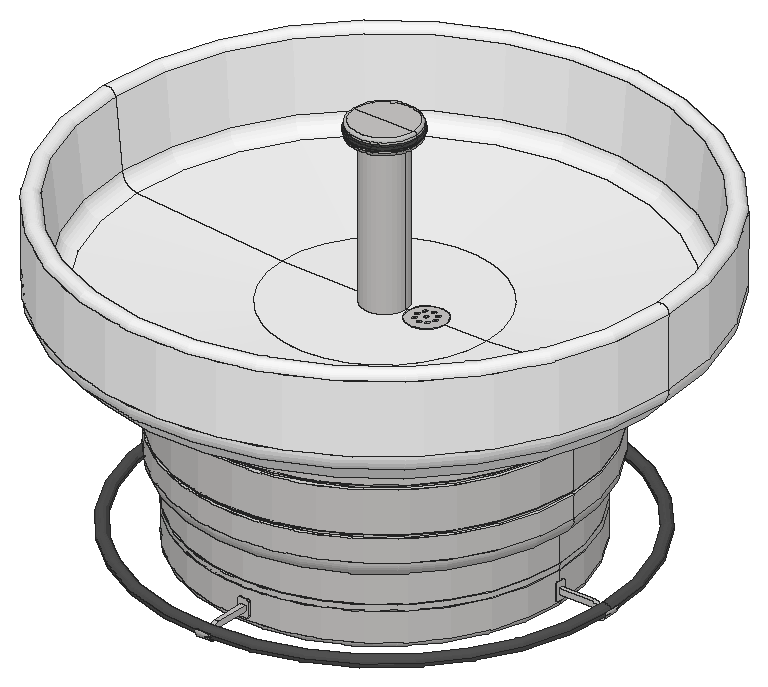
Revit family "Washfountain_Lavatory-Bradley_Corp-WF2608-Type_O_Drain", category Plumbing Fixtures, Revit 2012 (continued)
Automatic sketch dimensions
  Masking region 28 sketch curve to plane 1 "Center (Front/Back)" = 0.000"
  Masking region 28 sketch curve to plane 3 "Center (Left/Right)" = 0.000"
  curve 103 to plane 1 "Center (Front/Back)" = 0.000"
  curve 103 to plane 3 "Center (Left/Right)" = 0.000"
  plane 8 "Towel Dispenser" to Extrusion 13 sketch curve = 0.000"
  Extrusion 13 sketch curve to Extrusion 13 sketch curve = 1.37502"
  Extrusion 13 sketch curve to Extrusion 13 sketch curve = 1.750"
  Extrusion 13 sketch curve to Extrusion 13 sketch curve = 2.250"
  Extrusion 14 sketch curve to Extrusion 14 sketch curve = 1.37502"
  Extrusion 14 sketch curve to Extrusion 14 sketch curve = 1.750"
  Extrusion 14 sketch curve to Extrusion 14 sketch curve = 2.250"
  Extrusion 14 sketch curve to plane 8 "Towel Dispenser" = 0.000"
  Extrusion 15 sketch curve to Extrusion 15 sketch curve = 1.37502"
  Extrusion 15 sketch curve to Extrusion 15 sketch curve = 1.750"
  Extrusion 15 sketch curve to Extrusion 15 sketch curve = 2.250"
  Extrusion 15 sketch curve to plane 8 "Towel Dispenser" = 0.000"
  Split face 1 sketch curve to Extrusion 13 = 0.56845"
  Split face 1 sketch curve to Split face 1 sketch curve = 0.750"
  Split face 1 sketch curve to Extrusion 13 = 1.500"  (x2)
  Split face 2 sketch curve to Extrusion 14 = 0.56845"
  Split face 2 sketch curve to Split face 2 sketch curve = 0.750"
  Split face 2 sketch curve to Extrusion 14 = 1.500"  (x2)
  Split face 3 sketch curve to Extrusion 15 = 0.56851"
  Split face 3 sketch curve to Split face 3 sketch curve = 0.750"
  Split face 3 sketch curve to Extrusion 15 = 1.500"  (x2)
  curve 9 to plane 1 "Center (Front/Back)" = 0.000"
  curve 109 to plane 6 "Front" = 0.000"
  curve 132 to plane 7 "Back" = 0.000"
  curve 10 to plane 3 "Center (Left/Right)" = 0.000"
  plane 3 "Center (Left/Right)" to curve 105 = 0.06279"
  plane 3 "Center (Left/Right)" to curve 132 = 3.000"
  plane 3 "Center (Left/Right)" to curve 109 = 3.000"
  plane 3 "Center (Left/Right)" to curve 9 = 3.000"
  curve 105 to curve 9 = 2.60192"
  curve 104 to plane 3 "Center (Left/Right)" = 0.06259"
  curve 109 to plane 3 "Center (Left/Right)" = 3.000"
  curve 9 to plane 3 "Center (Left/Right)" = 3.000"
  curve 132 to plane 3 "Center (Left/Right)" = 3.000"
  curve 9 to curve 104 = 2.60167"
  curve 106 to plane 1 "Center (Front/Back)" = 3.20696"
  curve 10 to plane 1 "Center (Front/Back)" = 3.000"
  plane 1 "Center (Front/Back)" to curve 10 = 3.000"
  curve 10 to curve 104 = 3.38699"
  curve 104 to curve 105 = 0.00011"
  curve 134 to curve 132 = 0.000"
  curve 133 to curve 132 = 0.000"
  curve 141 to curve 132 = 2.50026"
  curve 139 to curve 132 = 0.29642"
  curve 139 to curve 132 = 1.00026"
  curve 138 to curve 132 = 0.25026"
  curve 141 to curve 132 = 1.37502"
  curve 132 to curve 140 = 1.000"
  curve 140 to curve 140 = 0.750"
  curve 132 to curve 133 = 2.500"
  curve 139 to curve 138 = 0.39109"
  curve 136 to curve 141 = 0.000"
  curve 132 to curve 135 = 14.62567"
  curve 135 to curve 133 = 0.68733"
  curve 135 to curve 134 = 0.68733"
  curve 108 to Extrusion 15 = 0.000"  (x3)
  curve 154 to Extrusion 15 = 2.60156"
  Extrusion 15 to curve 154 = 1.95703"
  curve 154 to curve 154 = 1.000"
  curve 107 to Extrusion 14 = 0.000"  (x3)
  Extrusion 14 to curve 156 = 1.95703"
  curve 156 to Extrusion 14 = 2.60156"
  curve 156 to curve 156 = 1.000"
  curve 157 to Extrusion 13 = 0.000"  (x3)
  curve 155 to Extrusion 13 = 2.60156"
  curve 155 to curve 155 = 1.000"
  Extrusion 13 to curve 155 = 1.95703"
  curve 160 to curve 132 = 0.54323"
  curve 132 to curve 160 = 3.97659"
  curve 132 to curve 160 = 4.97659"
  Masking region 29 sketch curve to plane 1 "Center (Front/Back)" = 0.000"
  Masking region 29 sketch curve to plane 3 "Center (Left/Right)" = 0.000"
  plane 3 "Center (Left/Right)" to Masking region 29 sketch curve = 0.06279"
  plane 3 "Center (Left/Right)" to Masking region 29 sketch curve = 3.52689"
  plane 3 "Center (Left/Right)" to Masking region 29 sketch curve = 5.50026"
  Masking region 29 sketch curve to plane 1 "Center (Front/Back)" = 3.13918"
  Masking region 29 sketch curve to Masking region 29 sketch curve = 0.06253"
  Masking region 29 sketch curve to plane 1 "Center (Front/Back)" = 1.13918"
  Masking region 29 sketch curve to Masking region 29 sketch curve = 3.4641"  (x2)
  Masking region 29 sketch curve to plane 3 "Center (Left/Right)" = 0.06259"
  Masking region 29 sketch curve to plane 3 "Center (Left/Right)" = 3.5267"
  Masking region 29 sketch curve to plane 3 "Center (Left/Right)" = 5.500"
  Masking region 29 sketch curve to plane 1 "Center (Front/Back)" = 3.13929"
  Masking region 29 sketch curve to Masking region 29 sketch curve = 0.06259"
  Masking region 29 sketch curve to plane 1 "Center (Front/Back)" = 1.13929"
  Masking region 29 sketch curve to Masking region 29 sketch curve = 0.06767"
  Masking region 29 sketch curve to Masking region 29 sketch curve = 0.06779"
  Masking region 29 sketch curve to Masking region 29 sketch curve = 4.000"
  Extrusion 16 sketch curve to plane 1 "Center (Front/Back)" = 0.000"
  Extrusion 16 sketch curve to plane 3 "Center (Left/Right)" = 0.000"
  curve 5 to Masking region 32 sketch curve = 1.000"
  curve 5 to Masking region 32 sketch curve = 3.500"
  Masking region 32 sketch curve to curve 5 = 1.000"
  Masking region 33 sketch curve to plane 10 "Sensor Module" = 3.500"
  Masking region 33 sketch curve to plane 1 "Center (Front/Back)" = 2.000"
  plane 1 "Center (Front/Back)" to Masking region 33 sketch curve = 2.000"
  Extrusion 17 sketch curve to plane 1 "Center (Front/Back)" = 0.000"
  Extrusion 17 sketch curve to plane 3 "Center (Left/Right)" = 0.000"
  Extrusion 18 sketch curve to Extrusion 18 sketch curve = 0.000"  (x3)
  Extrusion 18 sketch curve to plane 1 "Center (Front/Back)" = 0.000"
  Extrusion 18 sketch curve to plane 3 "Center (Left/Right)" = 0.000"
  plane 3 "Center (Left/Right)" to Extrusion 18 sketch curve = 0.06295"
  Extrusion 18 sketch curve to Extrusion 18 sketch curve = 2.000"
  Extrusion 18 sketch curve to Extrusion 18 sketch curve = 3.50026"
  Extrusion 18 sketch curve to Extrusion 18 sketch curve = 0.06243"
  Extrusion 18 sketch curve to plane 3 "Center (Left/Right)" = 0.06259"
  Extrusion 18 sketch curve to Extrusion 18 sketch curve = 3.500"
  Extrusion 18 sketch curve to Extrusion 18 sketch curve = 0.06259"
  Extrusion 18 sketch curve to plane 1 "Center (Front/Back)" = 3.13929"  (x2)
  Extrusion 18 sketch curve to Extrusion 18 sketch curve = 0.06767"
  plane 1 "Center (Front/Back)" to Extrusion 18 sketch curve = 6.38699"
  plane 3 "Center (Left/Right)" to Extrusion 19 sketch curve = 5.56269"
  Extrusion 19 sketch curve to Extrusion 19 sketch curve = 0.06243"
  plane 3 "Center (Left/Right)" to Extrusion 19 sketch curve = 0.06295"
  Extrusion 19 sketch curve to plane 3 "Center (Left/Right)" = 0.06259"
  Extrusion 19 sketch curve to plane 3 "Center (Left/Right)" = 5.500"
  Extrusion 19 sketch curve to Extrusion 19 sketch curve = 0.06259"
  Extrusion 19 sketch curve to plane 1 "Center (Front/Back)" = 3.20696"
  Extrusion 19 sketch curve to Extrusion 19 sketch curve = 0.06767"  (x2)
  plane 1 "Center (Front/Back)" to Extrusion 19 sketch curve = 6.38699"
  Extrusion 19 sketch curve to Extrusion 19 sketch curve = 0.000"
  Extrusion 19 sketch curve to plane 1 "Center (Front/Back)" = 0.000"
  Extrusion 19 sketch curve to plane 3 "Center (Left/Right)" = 0.000"
  Extrusion 19 sketch curve to Extrusion 19 sketch curve = 2.000"
  curve 96 to curve 5 = 1.5755"
  curve 5 to curve 95 = 0.56541"
  curve 96 to curve 95 = 0.07563"
  curve 5 to curve 97 = 1.000"
  curve 97 to curve 5 = 1.000"
  curve 5 to curve 95 = 1.49987"
  curve 95 to curve 96 = 0.0755"
  curve 96 to curve 95 = 1.44948"
  curve 97 to curve 5 = 2.84038"
  Sweep 20 sketch curve to profile plane = 0.000"
  profile plane to Sweep 20 sketch curve = 1.425"
  Extrusion 21 sketch curve to Extrusion 21 sketch curve = 0.000"  (x10)
  level to Extrusion 21 sketch curve = 1.57969"
  plane 4 "Left" to Extrusion 21 sketch curve = 5.42032"
  Extrusion 21 sketch curve to Extrusion 21 sketch curve = 0.04831"  (x2)
  Extrusion 21 sketch curve to Extrusion 21 sketch curve = 0.48307"  (x2)
  Extrusion 21 sketch curve to Extrusion 21 sketch curve = 0.48846"  (x2)
  Extrusion 21 sketch curve to Extrusion 21 sketch curve = 0.04885"  (x2)
  level to Extrusion 21 sketch curve = 1.55302"
  Extrusion 21 sketch curve to plane 5 "Right" = 6.58615"
  Extrusion 21 sketch curve to Extrusion 21 sketch curve = 0.02667"
  Extrusion 21 sketch curve to Extrusion 21 sketch curve = 0.01068"
  Extrusion 22 sketch curve to Extrusion 22 sketch curve = 0.000"  (x10)
  level to Extrusion 22 sketch curve = 1.57982"
  plane 6 "Front" to Extrusion 22 sketch curve = 5.42032"
  Extrusion 22 sketch curve to Extrusion 22 sketch curve = 0.04831"  (x2)
  Extrusion 22 sketch curve to Extrusion 22 sketch curve = 0.48307"  (x2)
  Extrusion 22 sketch curve to Extrusion 22 sketch curve = 0.48846"  (x2)
  Extrusion 22 sketch curve to Extrusion 22 sketch curve = 0.04885"  (x2)
  level to Extrusion 22 sketch curve = 1.55315"
  Extrusion 22 sketch curve to plane 7 "Back" = 6.58615"
  Extrusion 22 sketch curve to Extrusion 22 sketch curve = 0.03735"
  Extrusion 22 sketch curve to Extrusion 22 sketch curve = 0.01068"
  Extrusion 24 sketch curve to Extrusion 24 sketch curve = 0.000"  (x6)
  level to Extrusion 24 sketch curve = 0.82997"
  plane 6 "Front" to Extrusion 24 sketch curve = 5.99907"
  Extrusion 24 sketch curve to Extrusion 24 sketch curve = 0.19771"  (x2)
  Extrusion 24 sketch curve to Extrusion 24 sketch curve = 0.600"
  Extrusion 24 sketch curve to Extrusion 24 sketch curve = 0.45214"  (x2)
  Extrusion 24 sketch curve to Extrusion 24 sketch curve = 0.14125"  (x2)
  Extrusion 24 sketch curve to Extrusion 24 sketch curve = 3.19031"  (x2)
  level to Extrusion 24 sketch curve = 1.77219"
  Extrusion 24 sketch curve to plane 7 "Back" = 10.38277"
  level to Extrusion 24 sketch curve = 1.27219"
  Extrusion 24 sketch curve to Extrusion 24 sketch curve = 0.40229"
  Extrusion 24 sketch curve to Extrusion 24 sketch curve = 0.34334"
  Extrusion 23 sketch curve to Extrusion 23 sketch curve = 0.000"  (x6)
  level to Extrusion 23 sketch curve = 0.82503"  (x2)
  plane 4 "Left" to Extrusion 23 sketch curve = 6.000"
  Extrusion 23 sketch curve to Extrusion 23 sketch curve = 0.19771"  (x2)
  Extrusion 23 sketch curve to Extrusion 23 sketch curve = 0.600"
  Extrusion 23 sketch curve to Extrusion 23 sketch curve = 0.45214"  (x2)
  Extrusion 23 sketch curve to Extrusion 23 sketch curve = 0.14125"  (x2)
  Extrusion 23 sketch curve to Extrusion 23 sketch curve = 3.19031"  (x2)
  level to Extrusion 23 sketch curve = 1.26725"
  Extrusion 23 sketch curve to plane 5 "Right" = 10.3837"
  Extrusion 23 sketch curve to Extrusion 23 sketch curve = 0.40229"
  Extrusion 23 sketch curve to Extrusion 23 sketch curve = 0.34334"
  curve 161 to plane 1 "Center (Front/Back)" = 0.000"
  curve 161 to plane 3 "Center (Left/Right)" = 0.000"
  plane 1 "Center (Front/Back)" to Extrusion 25 sketch curve = 0.49499"
  plane 1 "Center (Front/Back)" to Extrusion 25 sketch curve = 0.24499"  (x2)
  plane 1 "Center (Front/Back)" to Extrusion 25 sketch curve = 0.23845"
  Extrusion 25 sketch curve to plane 1 "Center (Front/Back)" = 0.24214"
  Extrusion 25 sketch curve to plane 1 "Center (Front/Back)" = 0.25501"  (x2)
  Extrusion 25 sketch curve to Extrusion 25 sketch curve = 0.250"
  level to Extrusion 25 sketch curve = 0.70961"
  Extrusion 25 sketch curve to Extrusion 25 sketch curve = 0.2684"  (x2)
  Extrusion 25 sketch curve to Extrusion 25 sketch curve = 0.5882"
  Extrusion 28 sketch curve to plane 3 "Center (Left/Right)" = 0.49499"
  Extrusion 28 sketch curve to plane 3 "Center (Left/Right)" = 0.24499"  (x2)
  Extrusion 28 sketch curve to plane 3 "Center (Left/Right)" = 0.23845"
  plane 3 "Center (Left/Right)" to Extrusion 28 sketch curve = 0.24214"
  plane 3 "Center (Left/Right)" to Extrusion 28 sketch curve = 0.25501"  (x2)
  Extrusion 28 sketch curve to Extrusion 28 sketch curve = 0.250"
  level to Extrusion 28 sketch curve = 0.70961"
  Extrusion 28 sketch curve to Extrusion 28 sketch curve = 0.2684"  (x2)
  Extrusion 28 sketch curve to Extrusion 28 sketch curve = 0.5882"
  plane 1 "Center (Front/Back)" to Extrusion 26 sketch curve = 0.50501"
  plane 1 "Center (Front/Back)" to Extrusion 26 sketch curve = 0.25501"  (x2)
  plane 1 "Center (Front/Back)" to Extrusion 26 sketch curve = 0.24214"
  Extrusion 26 sketch curve to plane 1 "Center (Front/Back)" = 0.23845"
  Extrusion 26 sketch curve to plane 1 "Center (Front/Back)" = 0.24499"  (x2)
  Extrusion 26 sketch curve to Extrusion 26 sketch curve = 0.250"
  level to Extrusion 26 sketch curve = 0.70961"
  Extrusion 26 sketch curve to Extrusion 26 sketch curve = 0.2684"  (x2)
  Extrusion 26 sketch curve to Extrusion 26 sketch curve = 0.5882"
  Extrusion 27 sketch curve to plane 3 "Center (Left/Right)" = 0.50501"
  Extrusion 27 sketch curve to plane 3 "Center (Left/Right)" = 0.25501"  (x2)
  Extrusion 27 sketch curve to plane 3 "Center (Left/Right)" = 0.24214"
  plane 3 "Center (Left/Right)" to Extrusion 27 sketch curve = 0.23845"
  plane 3 "Center (Left/Right)" to Extrusion 27 sketch curve = 0.24499"  (x2)
  Extrusion 27 sketch curve to Extrusion 27 sketch curve = 0.250"
  level to Extrusion 27 sketch curve = 0.70961"
  Extrusion 27 sketch curve to Extrusion 27 sketch curve = 0.2684"  (x2)
  Extrusion 27 sketch curve to Extrusion 27 sketch curve = 0.5882"
  plane 4 "Left" to Masking region 34 sketch curve = 5.42032"
  Masking region 34 sketch curve to Masking region 34 sketch curve = 0.000"  (x4)
  Masking region 34 sketch curve to Masking region 34 sketch curve = 0.04831"  (x2)
  Masking region 34 sketch curve to Masking region 34 sketch curve = 0.04873"  (x2)
  Masking region 34 sketch curve to Masking region 34 sketch curve = 0.48264"  (x2)
  Masking region 34 sketch curve to Masking region 34 sketch curve = 0.00088"
  Masking region 34 sketch curve to Masking region 34 sketch curve = 0.19771"  (x2)
  Masking region 34 sketch curve to Masking region 34 sketch curve = 0.69685"  (x2)
  Masking region 34 sketch curve to plane 3 "Center (Left/Right)" = 0.670"
  Masking region 34 sketch curve to Masking region 34 sketch curve = 0.16499"
  Masking region 34 sketch curve to Masking region 34 sketch curve = 0.20433"  (x2)
  Masking region 34 sketch curve to Masking region 34 sketch curve = 0.21066"  (x2)
  Masking region 34 sketch curve to plane 3 "Center (Left/Right)" = 0.25501"
  plane 3 "Center (Left/Right)" to Masking region 34 sketch curve = 0.25501"  (x2)
  Masking region 34 sketch curve to Masking region 34 sketch curve = 0.250"
  level to Masking region 34 sketch curve = 0.925"
  Masking region 34 sketch curve to plane 5 "Right" = 6.69772"
  Masking region 34 sketch curve to Masking region 34 sketch curve = 0.50002"
  level to Masking region 34 sketch curve = 0.825"
  Masking region 34 sketch curve to Masking region 34 sketch curve = 0.10013"  (x2)
  Masking region 34 sketch curve to Masking region 34 sketch curve = 0.50506"
  Masking region 34 sketch curve to Masking region 34 sketch curve = 0.00013"  (x2)
  Masking region 34 sketch curve to Masking region 34 sketch curve = 1.000"
  Masking region 34 sketch curve to Masking region 34 sketch curve = 0.15961"
  Masking region 34 sketch curve to Masking region 34 sketch curve = 0.11539"  (x2)
  level to Masking region 34 sketch curve = 0.82487"
  level to Masking region 35 sketch curve = 1.57955"
  plane 6 "Front" to Masking region 35 sketch curve = 5.42032"
  Masking region 35 sketch curve to Masking region 35 sketch curve = 0.000"  (x4)
  Masking region 35 sketch curve to Masking region 35 sketch curve = 0.04831"  (x2)
  Masking region 35 sketch curve to Masking region 35 sketch curve = 0.04873"  (x2)
  Masking region 35 sketch curve to Masking region 35 sketch curve = 0.48264"  (x2)
  Masking region 35 sketch curve to Masking region 35 sketch curve = 0.00088"
  Masking region 35 sketch curve to Masking region 35 sketch curve = 0.19771"  (x2)
  Masking region 35 sketch curve to Masking region 35 sketch curve = 0.69685"  (x2)
  plane 1 "Center (Front/Back)" to Masking region 35 sketch curve = 0.670"
  plane 1 "Center (Front/Back)" to Masking region 35 sketch curve = 0.50501"
  Masking region 35 sketch curve to Masking region 35 sketch curve = 0.20433"  (x2)
  Masking region 35 sketch curve to Masking region 35 sketch curve = 0.21066"  (x2)
  Masking region 35 sketch curve to Masking region 35 sketch curve = 0.250"  (x2)
  Masking region 35 sketch curve to plane 1 "Center (Front/Back)" = 0.25501"  (x2)
  level to Masking region 35 sketch curve = 0.92487"  (x2)
  Masking region 35 sketch curve to plane 7 "Back" = 6.69772"
  Masking region 35 sketch curve to Masking region 35 sketch curve = 0.50002"
  Masking region 35 sketch curve to Masking region 35 sketch curve = 0.100"  (x2)
  Masking region 35 sketch curve to Masking region 35 sketch curve = 0.10013"  (x2)
  Masking region 35 sketch curve to Masking region 35 sketch curve = 0.11539"
  Masking region 35 sketch curve to Masking region 35 sketch curve = 0.50506"
  Masking region 35 sketch curve to Masking region 35 sketch curve = 0.00013"  (x2)
  Masking region 35 sketch curve to Masking region 35 sketch curve = 0.15961"
  curve 57 to curve 11 = 14.96307"
  curve 56 to curve 57 = 0.000"
  curve 53 to curve 56 = 0.000"
  curve 60 to curve 57 = 0.000"
  curve 53 to curve 42 = 0.00024"
  curve 57 to curve 47 = 0.00024"
  curve 51 to curve 47 = 0.000"
  curve 46 to curve 42 = 0.000"
  curve 46 to curve 45 = 0.09798"  (x2)
  curve 51 to curve 50 = 0.09798"  (x2)
  curve 43 to curve 45 = 0.000"
  curve 44 to curve 43 = 0.000"  (x2)
  curve 49 to curve 50 = 0.000"
  curve 48 to curve 49 = 0.000"
  curve 53 to curve 54 = 0.125"
  curve 60 to curve 59 = 0.125"  (x2)
  curve 68 to curve 54 = 0.000"
  curve 67 to curve 59 = 0.000"  (x2)
  curve 55 to curve 68 = 0.000"  (x2)
  curve 58 to curve 67 = 0.000"  (x2)
  curve 60 to curve 66 = 1.29784"
  curve 64 to curve 66 = 0.000"
  curve 65 to curve 64 = 0.000"
  curve 66 to curve 63 = 0.048"
  curve 64 to curve 62 = 0.048"
  curve 59 to curve 52 = 1.22108"
  curve 11 to curve 62 = 13.61537"
  curve 61 to curve 62 = 0.000"
  curve 63 to curve 62 = 0.000"
  curve 62 to curve 65 = 0.048"
  curve 63 to curve 66 = 0.048"
  curve 62 to curve 64 = 0.048"
  curve 52 to curve 59 = 1.2206"
  curve 68 to curve 67 = 0.000"
  curve 54 to curve 68 = 0.000"
  curve 58 to curve 50 = 0.02726"
  curve 54 to curve 43 = 0.02726"
  curve 48 to curve 50 = 0.000"
  curve 45 to curve 44 = 0.000"
  curve 49 to curve 48 = 0.000"
  curve 54 to curve 53 = 0.125"  (x2)
  curve 58 to curve 57 = 0.125"  (x2)
  curve 59 to curve 60 = 0.125"
  curve 55 to curve 56 = 0.125"
  curve 50 to curve 51 = 0.09798"
  curve 43 to curve 42 = 0.09798"  (x2)
  curve 45 to curve 46 = 0.09798"
  curve 48 to curve 47 = 0.09798"  (x2)
  curve 63 to curve 11 = 15.8195"
  curve 63 to curve 66 = 0.06365"
  curve 66 to curve 65 = 0.24885"
  curve 65 to curve 64 = 0.24885"
  curve 64 to curve 62 = 0.06365"
  curve 62 to curve 61 = 2.70246"
  curve 52 to curve 60 = 0.84847"
  curve 59 to curve 67 = 0.0625"
  curve 67 to curve 58 = 0.0625"
  curve 57 to curve 51 = 1.55669"
  curve 50 to curve 49 = 0.04899"
  curve 49 to curve 48 = 0.04899"
  curve 47 to curve 56 = 1.96186"
  curve 56 to curve 55 = 0.125"
  curve 55 to curve 68 = 0.0625"
  curve 68 to curve 54 = 0.0625"
  curve 53 to curve 46 = 0.65162"
  curve 45 to curve 44 = 0.04899"
  curve 44 to curve 43 = 0.04899"
  curve 12 to curve 25 = 4.37498"
  curve 25 to curve 12 = 14.96214"
  curve 28 to curve 25 = 0.000"
  curve 30 to curve 28 = 0.000"
  curve 14 to curve 25 = 0.000"
  curve 33 to curve 30 = 0.000"
  curve 22 to curve 30 = 0.000"
  curve 17 to curve 14 = 0.000"
  curve 19 to curve 22 = 0.000"
  curve 17 to curve 13 = 0.09798"
  curve 22 to curve 18 = 0.09798"
  curve 15 to curve 13 = 0.000"
  curve 20 to curve 18 = 0.000"  (x2)
  curve 16 to curve 13 = 0.000"
  curve 21 to curve 18 = 0.000"
  curve 33 to curve 34 = 0.125"
  curve 25 to curve 26 = 0.125"
  curve 27 to curve 26 = 0.000"
  curve 32 to curve 34 = 0.000"
  curve 29 to curve 27 = 0.000"
  curve 31 to curve 34 = 0.000"  (x2)
  curve 33 to curve 37 = 1.29784"
  curve 38 to curve 37 = 0.000"
  curve 40 to curve 38 = 0.000"
  curve 32 to curve 24 = 1.22084"
  curve 37 to curve 36 = 0.048"
  curve 40 to curve 39 = 0.048"
  curve 39 to curve 36 = 0.000"
  curve 39 to curve 40 = 0.048"
  curve 36 to curve 37 = 0.048"
  curve 38 to curve 40 = 0.000"
  curve 24 to curve 29 = 1.22084"
  curve 24 to curve 32 = 1.22084"
  curve 26 to curve 29 = 0.000"
  curve 34 to curve 32 = 0.000"
  curve 27 to curve 29 = 0.000"
  curve 31 to curve 21 = 0.02702"
  curve 18 to curve 21 = 0.000"
  curve 26 to curve 16 = 0.02702"
  curve 15 to curve 16 = 0.000"
  curve 13 to curve 16 = 0.000"
  curve 16 to curve 17 = 0.09798"
  curve 21 to curve 22 = 0.09798"
  curve 32 to curve 33 = 0.125"
  curve 15 to curve 14 = 0.09798"  (x2)
  curve 31 to curve 30 = 0.125"  (x2)
  curve 27 to curve 28 = 0.125"
  curve 26 to curve 25 = 0.125"  (x2)
  curve 20 to curve 19 = 0.09798"  (x2)
  curve 29 to curve 26 = 0.0625"
  curve 27 to curve 29 = 0.0625"
  curve 28 to curve 27 = 0.125"
  curve 19 to curve 28 = 1.96186"
  curve 18 to curve 20 = 0.04899"
  curve 21 to curve 18 = 0.04899"
  curve 22 to curve 21 = 0.09798"
  curve 30 to curve 22 = 1.55669"
  curve 34 to curve 31 = 0.0625"
  curve 32 to curve 34 = 0.0625"
  curve 33 to curve 32 = 0.125"
  curve 24 to curve 32 = 0.97347"
  curve 36 to curve 35 = 2.70246"
  curve 37 to curve 36 = 0.06365"
  curve 38 to curve 37 = 0.24885"
  curve 40 to curve 38 = 0.24885"
  curve 39 to curve 40 = 0.06365"
  curve 25 to curve 17 = 0.65162"
  curve 17 to curve 16 = 0.09798"
  curve 16 to curve 13 = 0.04899"
  curve 13 to curve 15 = 0.04899"
  plane 4 "Left" to Masking region 36 sketch curve = 6.000"
  level to Masking region 36 sketch curve = 1.925"
  Masking region 36 sketch curve to plane 5 "Right" = 6.000"
  Masking region 36 sketch curve to Masking region 36 sketch curve = 0.500"
  plane 6 "Front" to Masking region 37 sketch curve = 6.000"
  Masking region 37 sketch curve to plane 7 "Back" = 6.000"
  Masking region 37 sketch curve to Masking region 37 sketch curve = 0.500"
  level to Masking region 37 sketch curve = 0.92487"
  Revolve 5 sketch curve to curve 12 = 0.000"
  Revolve 5 sketch curve to curve 12 = 13.22437"
  Revolve 5 sketch curve to Revolve 5 sketch curve = 0.39193"  (x2)
  Revolve 5 sketch curve to Revolve 5 sketch curve = 0.048"
  curve 12 to Revolve 5 sketch curve = 3.52739"
  Revolve 5 sketch curve to Revolve 5 sketch curve = 1.24786"  (x2)
  curve 12 to Revolve 5 sketch curve = 6.80982"
  Revolve 5 sketch curve to Revolve 5 sketch curve = 1.34584"
  curve 12 to Revolve 5 sketch curve = 6.71184"
  Revolve 5 sketch curve to Revolve 5 sketch curve = 0.09798"  (x6)
  curve 12 to Revolve 5 sketch curve = 3.000"
  Revolve 5 sketch curve to Revolve 5 sketch curve = 1.43431"
  Revolve 5 sketch curve to Revolve 5 sketch curve = 1.40855"
  Revolve 5 sketch curve to Revolve 5 sketch curve = 0.06365"  (x2)
  Revolve 5 sketch curve to Revolve 5 sketch curve = 0.4977"
  Revolve 5 sketch curve to Revolve 5 sketch curve = 2.78857"
  Revolve 5 sketch curve to curve 12 = 18.69893"
  Revolve 5 sketch curve to Revolve 5 sketch curve = 0.19597"
  curve 12 to Revolve 5 sketch curve = 3.05107"
  Masking region 6 sketch curve to curve 12 = 0.000"
  Masking region 6 sketch curve to curve 12 = 14.96214"
  Masking region 6 sketch curve to Masking region 6 sketch curve = 0.000"  (x2)
  curve 12 to Masking region 6 sketch curve = 3.72336"
  Masking region 6 sketch curve to Masking region 6 sketch curve = 0.09798"  (x14)
  curve 12 to Masking region 6 sketch curve = 3.62537"  (x2)
  Masking region 6 sketch curve to Masking region 6 sketch curve = 1.29784"
  Masking region 6 sketch curve to Masking region 6 sketch curve = 0.048"  (x3)
  Masking region 6 sketch curve to Masking region 6 sketch curve = 0.39193"  (x3)
  curve 12 to Masking region 6 sketch curve = 13.22437"
  Masking region 6 sketch curve to Masking region 6 sketch curve = 1.24786"  (x2)
  curve 12 to Masking region 6 sketch curve = 6.90781"
  Masking region 6 sketch curve to Masking region 6 sketch curve = 1.34584"
  curve 12 to Masking region 6 sketch curve = 6.71184"
  Masking region 6 sketch curve to Masking region 6 sketch curve = 3.18445"
  Masking region 6 sketch curve to Masking region 6 sketch curve = 1.43431"  (x2)
  Masking region 6 sketch curve to Masking region 6 sketch curve = 1.40855"  (x2)
  Masking region 6 sketch curve to Masking region 6 sketch curve = 0.06365"  (x4)
  Masking region 6 sketch curve to Masking region 6 sketch curve = 0.4977"  (x2)
  Masking region 6 sketch curve to Masking region 6 sketch curve = 2.78857"
  curve 23 to curve 24 = 0.03763"
  curve 23 to curve 35 = 0.03763"
  curve 12 to curve 35 = 13.6163"
  curve 24 to curve 35 = 0.000"
  curve 39 to curve 35 = 0.000"
  curve 35 to curve 23 = 0.03763"
  curve 23 to curve 24 = 2.36946"
  curve 35 to curve 23 = 0.33663"
  curve 189 to curve 1 = 13.6643"
  curve 188 to curve 189 = 0.000"
  curve 189 to curve 190 = 0.048"
  curve 188 to curve 187 = 0.048"
  curve 1 to curve 187 = 13.6163"
  curve 190 to curve 187 = 0.000"
  curve 190 to curve 189 = 0.048"
  curve 187 to curve 188 = 0.048"
  curve 187 to curve 1 = 21.4445"
  curve 188 to curve 187 = 0.06365"
  curve 189 to curve 188 = 0.4977"
  curve 190 to curve 189 = 0.06365"
  curve 191 to curve 189 = 0.000"
  curve 191 to curve 188 = 0.000"
  curve 189 to curve 191 = 0.24885"
  plane 1 "Center (Front/Back)" to Masking region 38 sketch curve = 2.000"
  Masking region 38 sketch curve to plane 1 "Center (Front/Back)" = 2.000"
  Masking region 38 sketch curve to plane 9 "Soap Dispenser" = 8.500"
  Masking region 12 sketch curve to curve 11 = 0.000"
  Masking region 12 sketch curve to curve 11 = 14.96283"
  Masking region 12 sketch curve to Masking region 12 sketch curve = 0.000"  (x3)
  curve 11 to Masking region 12 sketch curve = 3.72336"
  Masking region 12 sketch curve to Masking region 12 sketch curve = 0.09798"  (x14)
  curve 11 to Masking region 12 sketch curve = 3.62537"
  Masking region 12 sketch curve to Masking region 12 sketch curve = 1.2976"
  Masking region 12 sketch curve to Masking region 12 sketch curve = 0.04824"  (x2)
  Masking region 12 sketch curve to Masking region 12 sketch curve = 0.39193"  (x2)
  curve 11 to Masking region 12 sketch curve = 13.22368"
  Masking region 12 sketch curve to Masking region 12 sketch curve = 0.04962"
  curve 11 to Masking region 12 sketch curve = 3.52739"
  Masking region 12 sketch curve to Masking region 12 sketch curve = 1.24786"  (x2)
  curve 11 to Masking region 12 sketch curve = 6.90781"
  Masking region 12 sketch curve to Masking region 12 sketch curve = 1.34584"
  Masking region 12 sketch curve to Masking region 12 sketch curve = 3.28243"
  Masking region 12 sketch curve to Masking region 12 sketch curve = 1.43431"  (x2)
  Masking region 12 sketch curve to Masking region 12 sketch curve = 0.06397"  (x4)
  Masking region 12 sketch curve to Masking region 12 sketch curve = 0.49706"  (x2)
  Masking region 12 sketch curve to Masking region 12 sketch curve = 2.78857"
  Masking region 12 sketch curve to Masking region 12 sketch curve = 0.19597"
  Masking region 12 sketch curve to Masking region 12 sketch curve = 1.40855"  (x2)
  curve 200 to curve 196 = 0.000"
  curve 198 to curve 199 = 0.04824"
  curve 196 to curve 197 = 0.04824"
  curve 197 to curve 199 = 0.000"
  curve 197 to curve 200 = 0.04962"
  curve 199 to curve 198 = 0.04962"
  curve 197 to curve 196 = 0.04962"
  curve 199 to curve 198 = 0.06397"
  curve 198 to curve 200 = 0.24853"
  curve 200 to curve 196 = 0.24853"
  curve 196 to curve 197 = 0.06397"
  curve 198 to curve 52 = 0.04824"
  curve 196 to curve 198 = 0.000"
  curve 61 to curve 199 = 0.00024"  (x2)
  curve 52 to curve 197 = 0.000"
  curve 61 to curve 199 = 0.67254"
  curve 197 to curve 52 = 1.40855"
  Masking region 30 sketch curve to curve 9 = 0.000"  (x2)
  Masking region 30 sketch curve to curve 9 = 6.02676"
  Masking region 30 sketch curve to Masking region 30 sketch curve = 1.94856"
  Masking region 30 sketch curve to curve 9 = 2.56266"
  curve 9 to Masking region 30 sketch curve = 1.000"  (x2)
  Masking region 30 sketch curve to curve 9 = 1.000"  (x2)
  curve 9 to Masking region 30 sketch curve = 2.56273"
  curve 9 to Masking region 30 sketch curve = 4.0783"
  Masking region 30 sketch curve to Masking region 30 sketch curve = 3.46415"
  Masking region 30 sketch curve to curve 9 = 1.37502"  (x2)
  curve 9 to Masking region 30 sketch curve = 14.62567"  (x2)
  curve 9 to Masking region 30 sketch curve = 15.313"  (x2)
  Masking region 30 sketch curve to Masking region 30 sketch curve = 1.000"
  curve 192 to curve 109 = 0.000"
  curve 131 to curve 109 = 6.02688"
  curve 111 to curve 109 = 1.37502"
  curve 111 to curve 109 = 6.02688"
  curve 122 to curve 130 = 1.06133"
  curve 130 to curve 127 = 0.10866"
  curve 130 to curve 130 = 0.55423"  (x2)
  curve 130 to curve 109 = 0.29645"
  curve 129 to curve 111 = 0.4715"
  curve 159 to curve 109 = 1.50547"
  curve 127 to curve 111 = 0.32995"
  curve 128 to curve 109 = 0.30272"
  curve 109 to curve 128 = 0.2515"
  curve 129 to curve 128 = 0.10866"
  curve 109 to curve 193 = 1.000"
  curve 128 to curve 192 = 0.63984"
  curve 192 to curve 120 = 0.42158"
  curve 193 to curve 113 = 1.93715"
  curve 117 to curve 118 = 0.12538"
  curve 119 to curve 109 = 1.42193"
  curve 119 to curve 192 = 0.42193"
  curve 193 to curve 109 = 1.000"
  curve 125 to curve 109 = 0.25187"
  curve 109 to curve 126 = 0.30235"
  curve 109 to curve 110 = 0.52663"
  curve 110 to curve 126 = 0.32994"
  curve 126 to curve 126 = 0.10867"
  curve 109 to curve 110 = 3.2767"
  curve 124 to curve 109 = 0.33668"
  curve 110 to curve 124 = 0.3629"
  curve 124 to curve 124 = 0.10867"
  curve 124 to curve 124 = 0.55422"  (x2)
  curve 158 to curve 121 = 0.97852"
  curve 112 to curve 114 = 5.50013"
  curve 111 to curve 109 = 10.37498"
  curve 110 to curve 109 = 10.37498"
  curve 124 to curve 124 = 0.04026"
  curve 129 to curve 128 = 0.04026"
  curve 124 to curve 110 = 1.03834"
  curve 109 to curve 159 = 3.97659"
  curve 121 to curve 158 = 2.60156"
  curve 159 to curve 159 = 1.000"
  curve 158 to curve 158 = 1.000"
  curve 109 to curve 115 = 14.62567"
  curve 109 to curve 116 = 14.62567"
  curve 109 to curve 117 = 15.313"
  Masking region 31 sketch curve to curve 10 = 0.000"
  Masking region 31 sketch curve to curve 10 = 1.37502"  (x2)
  Masking region 31 sketch curve to curve 10 = 4.20696"
  Masking region 31 sketch curve to curve 10 = 1.95696"
  Masking region 31 sketch curve to curve 10 = 0.20696"
  Masking region 31 sketch curve to curve 10 = 1.000"
  curve 10 to Masking region 31 sketch curve = 3.3871"
  curve 10 to Masking region 31 sketch curve = 4.2621"
  Masking region 31 sketch curve to Masking region 31 sketch curve = 2.000"
  curve 10 to Masking region 31 sketch curve = 14.62567"  (x2)
  Masking region 31 sketch curve to Masking region 31 sketch curve = 0.68733"
  curve 10 to Masking region 31 sketch curve = 15.313"
  curve 10 to Masking region 31 sketch curve = 1.000"
  curve 10 to Masking region 31 sketch curve = 16.313"
  Extrusion 29 sketch curve to plane 1 "Center (Front/Back)" = 0.000"
  plane 3 "Center (Left/Right)" to Extrusion 29 sketch curve = 4.000"
  Extrusion 30 sketch curve to Extrusion 30 sketch curve = 0.000"  (x6)
  Extrusion 30 sketch curve to plane 5 "Right" = 21.250"
  Extrusion 30 sketch curve to Extrusion 30 sketch curve = 0.87229"
  Extrusion 30 sketch curve to Extrusion 30 sketch curve = 0.25708"  (x6)
  Extrusion 30 sketch curve to Extrusion 30 sketch curve = 0.62063"  (x9)
  Extrusion 30 sketch curve to plane 1 "Center (Front/Back)" = 0.87771"
  Extrusion 30 sketch curve to Extrusion 30 sketch curve = 0.87771"
  curve 202 to curve 203 = 0.000"  (x2)
  curve 202 to curve 204 = 0.000"  (x3)
  curve 203 to curve 204 = 0.000"  (x2)
  curve 213 to curve 214 = 0.000"  (x4)
  curve 207 to plane 1 "Center (Front/Back)" = 0.000"
  curve 203 to plane 1 "Center (Front/Back)" = 0.000"
  curve 211 to plane 1 "Center (Front/Back)" = 0.000"
  curve 210 to curve 211 = 0.25708"
  curve 212 to curve 211 = 0.25708"
  curve 204 to curve 212 = 0.62063"
  curve 209 to curve 210 = 0.62063"
  curve 205 to curve 212 = 0.62063"
  curve 206 to curve 205 = 0.62063"
  curve 208 to curve 209 = 0.62063"
  curve 207 to curve 206 = 0.25708"
  curve 206 to plane 1 "Center (Front/Back)" = 0.62063"
  curve 212 to plane 1 "Center (Front/Back)" = 0.62063"
  curve 205 to curve 212 = 0.25708"
  plane 1 "Center (Front/Back)" to curve 208 = 0.62063"
  plane 1 "Center (Front/Back)" to curve 210 = 0.62063"
  curve 210 to curve 209 = 0.25708"
  curve 214 to plane 1 "Center (Front/Back)" = 0.000"
  curve 214 to plane 3 "Center (Left/Right)" = 0.000"
  curve 211 to curve 213 = 3.12229"
  Revolve 2 sketch curve to curve 1 = 0.000"
  Revolve 2 sketch curve to Revolve 2 sketch curve = 1.42117"
  Revolve 2 sketch curve to curve 1 = 4.500"
  Revolve 2 sketch curve to Revolve 2 sketch curve = 2.76282"
  Revolve 2 sketch curve to curve 1 = 9.000"
  Revolve 2 sketch curve to Revolve 2 sketch curve = 2.29848"
  Revolve 2 sketch curve to curve 1 = 5.26282"
  curve 1 to Revolve 1 sketch curve = 1.000"
  curve 1 to Revolve 1 sketch curve = 6.56499"
  Revolve 1 sketch curve to Revolve 1 sketch curve = 13.61753"
  Revolve 1 sketch curve to Revolve 1 sketch curve = 0.10911"
  Revolve 1 sketch curve to Revolve 1 sketch curve = 1.211"
  curve 1 to Revolve 1 sketch curve = 6.70941"
  Revolve 1 sketch curve to Revolve 1 sketch curve = 1.52295"
  Revolve 1 sketch curve to Revolve 1 sketch curve = 0.10952"
  Revolve 1 sketch curve to Revolve 1 sketch curve = 0.6259"
  curve 1 to Revolve 1 sketch curve = 0.59407"
  Revolve 1 sketch curve to Revolve 1 sketch curve = 0.73361"
  curve 1 to Revolve 1 sketch curve = 8.52343"
  Revolve 1 sketch curve to Revolve 1 sketch curve = 1.41421"
  Revolve 1 sketch curve to Revolve 1 sketch curve = 0.58579"
  Revolve 1 sketch curve to Revolve 1 sketch curve = 0.750"
  Revolve 1 sketch curve to curve 1 = 13.24041"
  Revolve 1 sketch curve to Revolve 1 sketch curve = 1.250"
  Revolve 1 sketch curve to Revolve 1 sketch curve = 0.000"
  curve 1 to Revolve 1 sketch curve = 3.75959"
  Revolve 1 sketch curve to curve 1 = 6.750"
  Revolve 1 sketch curve to Revolve 1 sketch curve = 2.15912"
  Masking region 1 sketch curve to curve 1 = 0.000"
  curve 1 to Masking region 1 sketch curve = 10.250"
  Masking region 1 sketch curve to curve 1 = 24.000"
  Masking region 2 sketch curve to curve 1 = 0.000"
  curve 1 to Masking region 2 sketch curve = 0.750"
  Masking region 2 sketch curve to curve 1 = 24.000"
  Masking region 2 sketch curve to Masking region 2 sketch curve = 0.000"  (x3)
  Masking region 2 sketch curve to Masking region 2 sketch curve = 0.58579"  (x2)
  Masking region 2 sketch curve to Masking region 2 sketch curve = 1.41421"  (x2)
  Masking region 2 sketch curve to Masking region 2 sketch curve = 1.72657"  (x3)
  curve 1 to Masking region 2 sketch curve = 21.68765"
  curve 1 to Masking region 2 sketch curve = 23.250"
  Masking region 2 sketch curve to curve 1 = 0.750"
  Masking region 2 sketch curve to Masking region 2 sketch curve = 2.000"
  curve 2 to Masking region 8 sketch curve = 7.10922"
  Masking region 8 sketch curve to curve 2 = 24.000"
  Masking region 8 sketch curve to Masking region 8 sketch curve = 0.000"  (x2)
  Masking region 8 sketch curve to Masking region 8 sketch curve = 0.58579"  (x2)
  Masking region 8 sketch curve to Masking region 8 sketch curve = 0.750"  (x2)
  Masking region 8 sketch curve to Masking region 8 sketch curve = 1.41421"  (x2)
  Masking region 8 sketch curve to Masking region 8 sketch curve = 1.72657"  (x2)
  curve 2 to Masking region 8 sketch curve = 21.68765"
  curve 2 to Masking region 8 sketch curve = 22.000"
  curve 2 to Masking region 8 sketch curve = 23.250"
  Masking region 8 sketch curve to curve 2 = 0.000"
  Masking region 8 sketch curve to curve 2 = 7.10922"
  Masking region 7 sketch curve to curve 2 = 0.000"
  Extrusion 31 sketch curve to plane 3 "Center (Left/Right)" = 1.000"
  plane 3 "Center (Left/Right)" to Extrusion 31 sketch curve = 1.000"
  Extrusion 31 sketch curve to plane 1 "Center (Front/Back)" = 4.500"
  Extrusion 31 sketch curve to Extrusion 31 sketch curve = 1.000"
  curve 168 to curve 169 = 0.000"  (x2)
  curve 171 to curve 172 = 0.000"  (x2)
  level to curve 168 = 1.55388"
  plane 4 "Left" to curve 168 = 5.51693"
  curve 168 to curve 169 = 0.48307"
  curve 168 to curve 169 = 0.00088"
  curve 169 to curve 170 = 0.01056"
  curve 168 to curve 169 = 0.32043"
  curve 169 to curve 170 = 0.36586"
  curve 163 to plane 3 "Center (Left/Right)" = 0.670"
  curve 163 to curve 167 = 0.16499"
  curve 163 to curve 166 = 0.20433"
  plane 3 "Center (Left/Right)" to curve 166 = 0.46567"
  plane 3 "Center (Left/Right)" to curve 167 = 0.50501"
  curve 167 to curve 165 = 0.16499"
  level to curve 173 = 0.925"
  curve 173 to plane 5 "Right" = 6.69772"
  curve 173 to curve 172 = 0.36586"
  curve 172 to curve 173 = 0.32043"
  curve 173 to curve 172 = 0.01056"
  curve 171 to curve 171 = 0.01143"
  curve 171 to curve 171 = 0.48307"
  curve 172 to curve 173 = 0.10013"
  level to curve 169 = 0.82487"
  level to curve 166 = 0.825"
  curve 166 to curve 165 = 0.100"
  curve 166 to curve 163 = 0.100"
  curve 163 to curve 163 = 0.69191"
  curve 164 to curve 167 = 0.30809"
  Revolve 33 sketch curve to Revolve 33 sketch curve = 0.000"
  Revolve 33 sketch curve to curve 7 = 3.1566"
  Revolve 33 sketch curve to Revolve 33 sketch curve = 0.06932"
  Revolve 33 sketch curve to Revolve 33 sketch curve = 1.43915"
  Revolve 33 sketch curve to curve 7 = 1.31085"
  curve 174 to curve 176 = 0.000"  (x2)
  curve 178 to curve 180 = 0.000"  (x2)
  level to curve 178 = 1.55401"
  plane 6 "Front" to curve 178 = 5.51693"
  curve 178 to curve 178 = 0.4784"
  curve 178 to curve 180 = 0.48307"
  curve 178 to curve 180 = 0.01118"
  curve 180 to curve 181 = 0.32264"
  curve 178 to curve 179 = 0.48846"
  curve 179 to curve 179 = 0.04885"  (x2)
  curve 180 to curve 179 = 0.000"
  curve 181 to curve 181 = 0.36541"
  plane 1 "Center (Front/Back)" to curve 182 = 0.670"
  curve 182 to curve 185 = 0.16499"
  curve 182 to curve 186 = 0.20433"
  curve 186 to plane 1 "Center (Front/Back)" = 0.46567"
  curve 185 to plane 1 "Center (Front/Back)" = 0.50501"
  curve 186 to curve 184 = 0.20433"
  level to curve 177 = 0.92644"
  curve 177 to plane 7 "Back" = 6.69623"
  curve 177 to curve 176 = 0.11007"
  curve 175 to curve 176 = 0.000"
  curve 175 to curve 175 = 0.04885"  (x2)
  curve 177 to curve 177 = 0.36241"
  curve 175 to curve 176 = 0.48846"
  curve 177 to curve 176 = 0.3344"
  curve 174 to curve 174 = 0.009"
  curve 174 to curve 174 = 0.48307"
  level to curve 181 = 0.92644"
  curve 176 to curve 177 = 0.10144"
  level to curve 182 = 0.82487"
  level to curve 184 = 0.82487"
  curve 186 to curve 184 = 0.000"
  curve 182 to curve 183 = 0.79191"
  curve 182 to curve 185 = 0.30809"
  Masking region 39 sketch curve to curve 6 = 1.8649"
  curve 6 to Masking region 39 sketch curve = 1.8649"
  curve 6 to Masking region 39 sketch curve = 0.8649"  (x2)
  Masking region 40 sketch curve to curve 6 = 1.6149"  (x2)
  Masking region 40 sketch curve to Masking region 40 sketch curve = 0.500"  (x2)
  Masking region 11 sketch curve to curve 11 = 0.000"
  Masking region 11 sketch curve to curve 11 = 14.96093"
  Masking region 11 sketch curve to Masking region 11 sketch curve = 1.34584"  (x2)
  curve 11 to Masking region 11 sketch curve = 13.61752"
  curve 11 to Masking region 11 sketch curve = 9.78595"  (x2)
  Masking region 11 sketch curve to Masking region 11 sketch curve = 5.21405"
  Masking region 9 sketch curve to curve 11 = 0.000"
  Masking region 9 sketch curve to curve 11 = 14.96229"
  Masking region 9 sketch curve to Masking region 9 sketch curve = 1.34584"  (x2)
  curve 11 to Masking region 9 sketch curve = 13.61615"
  curve 11 to Masking region 9 sketch curve = 12.49204"  (x2)
  Masking region 9 sketch curve to Masking region 9 sketch curve = 6.50796"
  curve 216 to plane 1 "Center (Front/Back)" = 2.26403"
  curve 216 to curve 220 = 1.57816"
  curve 219 to curve 217 = 0.06253"
  plane 3 "Center (Left/Right)" to curve 216 = 1.57842"
  plane 3 "Center (Left/Right)" to curve 219 = 0.06279"
  curve 218 to plane 3 "Center (Left/Right)" = 0.06259"
  curve 215 to plane 3 "Center (Left/Right)" = 1.57807"
  curve 219 to curve 216 = 0.87514"  (x2)
  curve 217 to curve 219 = 1.81779"
  curve 218 to curve 219 = 0.00011"
  curve 218 to curve 215 = 0.87511"
  curve 217 to plane 3 "Center (Left/Right)" = 5.500"
  curve 217 to curve 218 = 0.06259"
  curve 215 to plane 1 "Center (Front/Back)" = 2.2644"
  curve 218 to curve 215 = 1.51561"
  curve 221 to curve 218 = 0.06259"
  curve 222 to curve 222 = 0.06253"
  curve 222 to plane 1 "Center (Front/Back)" = 3.20696"
  plane 3 "Center (Left/Right)" to curve 222 = 5.50026"
  curve 220 to curve 218 = 0.06767"
  plane 1 "Center (Front/Back)" to curve 218 = 6.38699"
  Revolve 2 sketch curve to Revolve 2 sketch curve = 2.25691"
  curve 1 to Masking region 1 sketch curve = 24.000"
  Masking region 7 sketch curve to curve 2 = 24.000"
  curve 2 to Masking region 7 sketch curve = 24.000"
  curve 142 to curve 10 = 0.000"
  curve 143 to curve 10 = 0.000"
  curve 147 to curve 10 = 0.000"
  curve 142 to curve 10 = 0.20696"
  curve 142 to curve 143 = 0.06756"
  curve 10 to curve 147 = 0.7356"
  curve 10 to curve 195 = 1.000"
  curve 195 to curve 146 = 0.8606"
  curve 145 to curve 151 = 0.01928"
  curve 151 to curve 152 = 0.39728"
  curve 151 to curve 151 = 0.31998"  (x2)
  curve 194 to curve 10 = 2.44456"
  curve 195 to curve 10 = 1.000"
  curve 10 to curve 149 = 0.62385"
  curve 152 to curve 10 = 0.29642"
  curve 152 to curve 148 = 2.18152"
  curve 152 to curve 153 = 0.31998"
  curve 153 to curve 150 = 0.31998"
  curve 150 to curve 153 = 0.39728"
  curve 10 to curve 146 = 5.3871"
  curve 149 to curve 10 = 10.37498"
  curve 151 to curve 151 = 0.17193"
  curve 10 to curve 149 = 1.37502"
  curve 10 to curve 194 = 3.97659"
  curve 194 to curve 194 = 1.000"
  curve 10 to curve 145 = 14.62567"
  curve 10 to curve 143 = 15.313"
  curve 142 to curve 143 = 0.000"
  curve 10 to curve 195 = 15.313"
  radius of Masking region 25 sketch curve = 27.000"
  radius of Masking region 26 sketch curve = 6.22592"
  radius of curve 101 = 4.17907"
  radius of Masking region 27 sketch curve = 4.57537"
  radius of curve 102 = 2.10282"
  radius of Masking region 28 sketch curve = 3.12875"
  radius of curve 103 = 2.000"
  radius of Masking region 29 sketch curve = 2.000"
  radius of Extrusion 16 sketch curve = 2.000"
  radius of Extrusion 17 sketch curve = 2.000"
  radius of Sweep 20 sketch curve = 0.500"
  radius of curve 161 = 21.000"
  radius of Extrusion 29 sketch curve = 1.750"
  radius of Extrusion 30 sketch curve = 0.1842"  (x9)
  radius of curve 201 to Extrusion 30 = 0.500"
  radius of curve 202 = 1.750"
  radius of curve 203 = 1.250"
  radius of curve 204 = 0.1842"
  radius of curve 205 = 0.1842"
  radius of curve 206 = 0.1842"
  radius of curve 207 = 0.1842"
  radius of curve 208 = 0.1842"
  radius of curve 209 = 0.1842"
  radius of curve 210 = 0.1842"
  radius of curve 211 = 0.1842"
  radius of curve 212 = 0.1842"
  radius of curve 213 = 25.000"
  radius of curve 214 = 20.500"
  radius of Extrusion 34 sketch curve = 0.500"
  radius of Extrusion 35 sketch curve = 0.500"
  radius of Extrusion 36 sketch curve = 0.250"
  radius of Extrusion 37 sketch curve = 0.250"
  radius of curve 223 to Extrusion 30 = 0.500"
Connectors (in)
  piping at (-0.875, 1.25, 35.625), driven by "Hot Lavatory Inlet Radius", driven by "HWFU"
    settings: on Extrusion 32, index 1, connector radius 1/4", flow factor 0, pipe flow 0.0 GPM, pressure drop 0.0 psi, fitting loss kfactor 0, connector angle 0.00°, fixture units 0, engagement length 0.000", flow configuration 3, flow direction 1, fitting loss method 0, system type 19, joint type 0, gender type 0, connector reference index -1, connector utility 0, adjustable connector no, is connector primary yes, fitting loss table "", connector description "Hot Lavatory Inlet"
  piping at (0.875, 1.25, 35.625), driven by "Cold Lavatory Inlet Radius", driven by "CWFU"
    settings: on Extrusion 32, index 2, connector radius 1/4", flow factor 0, pipe flow 0.0 GPM, pressure drop 0.0 psi, fitting loss kfactor 0, connector angle 0.00°, fixture units 0, engagement length 0.000", flow configuration 3, flow direction 1, fitting loss method 0, system type 20, joint type 0, gender type 0, connector reference index -1, connector utility 0, adjustable connector no, is connector primary no, fitting loss table "", connector description "Cold Lavatory Inlet"
  piping at (4, 0, 0), driven by "Drain Radius", driven by "WFU"
    settings: on Extrusion 31, index 3, connector radius 1", flow factor 0, pipe flow 0.0 GPM, pressure drop 0.0 psi, fitting loss kfactor 0, connector angle 0.00°, fixture units 0, engagement length 0.000", flow configuration 3, flow direction 2, fitting loss method 0, system type 16, joint type 0, gender type 0, connector reference index -1, connector utility 0, adjustable connector yes, is connector primary no, fitting loss table "", connector description "Drain"
  electrical at (0, 5, 0), driven by "Voltage"
    settings: on Extrusion 31, index 4, voltage 110 V, apparent load 0 VA, apparent load phase1 0 VA, apparent load phase2 0 VA, apparent load phase3 0 VA, power factor 1, load classification "Other", number of poles 1, system type 31, power factor state 1, is connector primary yes, connector utility no, sub classification motor no, connector description ""
Types (3): name | Towel Dispenser Height | Supply Height | Standard Height | Spray Head Height | Soap Dispenser Height | Sensor Module Height | Rim Height | Pedestal Height | Model ID | Juvenile Height
  (no name) | 52.500" | 35.625" | yes | 35.625" | 44.125" | 39.125" | 29.250" | 19.000" | 2 | no
  Standard | 52.500" | 35.625" | yes | 35.625" | 44.125" | 39.125" | 29.250" | 19.000" | 2 | no
  Juvenile | 48.500" | 31.625" | no | 31.625" | 40.125" | 35.125" | 25.250" | 15.000" | 1 | yes
